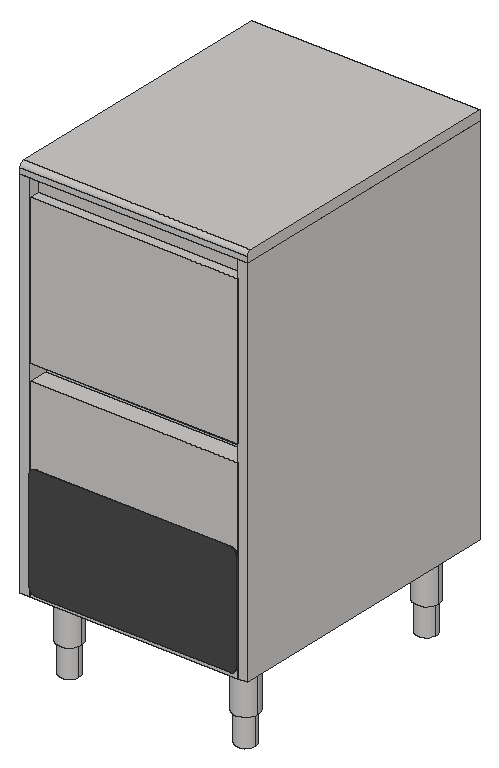
Revit family "QF_ELECTROLUXPROFESSIONAL_730331_ICC38I20SNP", category Attrezzature speciali, Revit 2018
Family settings
  Quota connettore circolare = Usa diametro
  Tipo di parte = Normale
  Basato su piano di lavoro = No
  Sempre verticale = Sì
  Taglio con vuoti quando caricato = No
  Condiviso = No
  Punto di calcolo locali = No
Parameters (values of type "Standard")
  Weight = 45.00 kg
  Watts = 0 W
  Volts = 220 V
  URL Manufacturer = "https://www.electroluxprofessional.com/"
  URL = "https://www.electroluxprofessional.com/"
  Steam Supply Size = 0 mm
  Steam Supply Minimum Pressure = 0.0 Pa
  Steam Supply Maximum Pressure = 0.0 Pa
  Steam Pounds per Hour = 0
  Show Logo [instance] = yes
  Show Clearance [instance] = yes
  Refrigeration Suction Line Size = 0 mm
  Refrigeration Liquid Line Size = 0 mm
  Refrigerant Compressor Remote = yes
  Produttore = "Electrolux Professional"
  Phase = 1
  Modello = "ICC38I20SNP"
  Length Actual = 465 mm  # constant formula
  Item Number = "730331"
  Hot Water Size = 0 mm
  Height Actual = 894 mm  # constant formula
  HP = "0 HP"
  Gas Size = 0 mm
  Gas KW = 0
  Gas Input Pressure = 0 W
  Descrizione = "WATER COOLED ICE CUBER 40GR 38KG/24H-BIN 20KG"
  Depth Actual = 595 mm  # constant formula
  Cycle = 50 Hz
  Condensate Return Size = 0 mm
  Compressed Air Volume = 0.0 L/s
  Compressed Air Size = 0 mm
  Compressed Air Pressure = 0.0 Pa
  Cold Water Size = 19.05 mm
  Accessory = yes
Reference planes
  plane 1 "Center X": y = 272.851
  plane 2: z = 0
  plane 3 "Center Y": x = -501.5
  plane 4 "LEFT": x = -734
  plane 5 "RIGHT": x = -269
  plane 6 "FRONT": y = -24.149
  plane 7 "BACK": y = 569.851
  plane 8: z = 155
  plane 9: z = 944
  plane 10: z = 924
  plane 11: x = -714
  plane 12: x = -289
  plane 13: y = 15.851
Forms (mm)
  Extrusion 1, solid, material "QF_Finishes_Black"
    sketch origin (-217.296, -24.149, 371.513) x (-1, 0, 0) y (0, 0, -1)
      loop
        arc (481.704, -21.487) -> (492.311, -17.093) -> (496.704, -6.487) r 15
        line (496.704, -6.487) -> (496.704, 194.469)
        arc (496.704, 194.469) -> (492.311, 205.075) -> (481.704, 209.469) r 15
        line (481.704, 209.469) -> (86.704, 209.469)
        arc (86.704, 209.469) -> (76.097, 205.075) -> (71.704, 194.469) r 15
        line (71.704, 194.469) -> (71.704, -6.487)
        arc (71.704, -6.487) -> (76.097, -17.093) -> (86.704, -21.487) r 15
        line (86.704, -21.487) -> (481.704, -21.487)
    from 0 to 2
  Extrusion 2, solid, material "QF_Finishes_Stainless Steel"
    sketch origin (-501.5, 0, 0) x (0, 1, 0) y (0, 0, 1)
      loop
        line (569.851, 924) -> (569.851, 944) -> (-14.149, 944)
        arc (-14.149, 944) -> (-21.22, 941.071) -> (-24.149, 934) r 10
        line (-24.149, 934) -> (-24.149, 924) -> (569.851, 924)
    from -232.5 to 232.5
  Extrusion 3, solid, material "QF_Finishes_Stainless Steel"
    sketch origin (-321.2, 569.851, -329.545) x (1, 0, 0) y (0, 0, -1)
      loop
        circle (-16.8, -655.545) r 10
    from 0 to 10
  Extrusion 4, solid, material "QF_Finishes_Stainless Steel"
    sketch origin (0, 0, 0) x (1, 0, 0) y (0, 1, 0)
      loop
        line (-734, 569.851) -> (-734, -24.149) -> (-714, -24.149) -> (-714, 569.851) -> (-734, 569.851)
    from 155 to 924
  Extrusion 5, solid, material "QF_Finishes_Stainless Steel"
    sketch origin (0, 0, 0) x (1, 0, 0) y (0, 1, 0)
      loop
        line (-289, 569.851) -> (-289, -24.149) -> (-269, -24.149) -> (-269, 569.851) -> (-289, 569.851)
    from 155 to 924
  Extrusion 6, solid, material "QF_Finishes_Stainless Steel"
    sketch origin (0, 0, 0) x (1, 0, 0) y (0, 1, 0)
      loop
        line (-714, 569.851) -> (-714, 15.851) -> (-289, 15.851) -> (-289, 569.851) -> (-714, 569.851)
    from 155 to 924
  Extrusion 7, solid, material "QF_Finishes_Stainless Steel"
    sketch origin (0, 0, 0) x (1, 0, 0) y (0, 1, 0)
      loop
        line (-714, -24.149) -> (-289, -24.149) -> (-289, 15.851) -> (-714, 15.851) -> (-714, -24.149)
    from 155 to 550.848
  Extrusion 8, solid, material "QF_Finishes_Stainless Steel"
    sketch origin (-501.5, 0, 0) x (0, 1, 0) y (0, 0, 1)
      loop
        line (15.851, 924) -> (-4.149, 924) -> (-4.149, 888) -> (-24.149, 888) -> (-24.149, 584.768) -> (-4.149, 584.768) -> (-4.149, 569) -> (15.851, 569) -> (15.851, 924)
    from -212.5 to 212.5
  Extrusion 9, solid, material "QF_Finishes_Stainless Steel"
    sketch origin (-303.2, 569.851, -440.545) x (1, 0, 0) y (0, 0, -1)
      loop
        circle (-16.8, -655.545) r 10
    from 0 to 10
  Extrusion 10, solid, material "QF_Finishes_Stainless Steel"
    sketch origin (-363.2, 569.851, -361.545) x (1, 0, 0) y (0, 0, -1)
      loop
        circle (-16.8, -655.545) r 10
    from 0 to 10
Lines and regions (mm)
  Split face 1
    outline origin (-501.5, -4.149, 924) x (0, 0, -1) y (1, 0, 0)
      loop
        line (5.715, 89.928) -> (30.715, 89.928) -> (30.715, 129.928) -> (5.715, 129.928) -> (5.715, 89.928)
  symbolic lines
    curve 1: line (-734, 569.851, 0) -> (-269, 569.851, 0)
    curve 2: line (-734, -24.149, 0) -> (-734, 569.851, 0)
    curve 3: line (-269, -24.149, 0) -> (-734, -24.149, 0)
    curve 4: line (-269, 569.851, 0) -> (-269, -24.149, 0)
Dimensions and locks
  equal spacing: plane 4 "LEFT", plane 3 "Center Y", plane 5 "RIGHT"
  plane 4 "LEFT" to plane 5 "RIGHT" = 465 mm
  equal spacing: plane 7 "BACK", plane 1 "Center X", plane 6 "FRONT"
  plane 7 "BACK" to plane 6 "FRONT" = 594 mm
  plane 8 to plane 2 = 155 mm
  plane 9 to plane 8 = 789 mm
  locked: plane 4 "LEFT" to plane 11 at 20
  locked: plane 12 to plane 5 "RIGHT" at 20
  locked: plane 9 to plane 10 at 20
  locked: plane 13 to plane 6 "FRONT" at 40
  aligned and locked: level to plane 2
  aligned and locked: plane 5 "RIGHT" to Extrusion 2
  aligned and locked: Extrusion 2 to plane 4 "LEFT"
  aligned and locked: Extrusion 4 sketch curve to Extrusion 2  (x2)
  aligned and locked: plane 6 "FRONT" to Extrusion 4 sketch curve
  aligned and locked: Extrusion 4 sketch curve to plane 11
  aligned and locked: Extrusion 5 sketch curve to plane 7 "BACK"
  aligned and locked: plane 12 to Extrusion 5 sketch curve
  aligned and locked: Extrusion 5 sketch curve to Extrusion 2  (x2)
  aligned and locked: plane 10 to Extrusion 4
  aligned and locked: plane 10 to Extrusion 5
  aligned and locked: Extrusion 4 to plane 8
  aligned and locked: Extrusion 5 to plane 8
  aligned and locked: Extrusion 6 sketch curve to Extrusion 4
  aligned and locked: Extrusion 4 to Extrusion 6 sketch curve
  aligned and locked: plane 13 to Extrusion 6 sketch curve
  aligned and locked: Extrusion 6 sketch curve to plane 12
  aligned and locked: plane 10 to Extrusion 6
  aligned and locked: Extrusion 6 to plane 8
  aligned and locked: Extrusion 4 to Extrusion 7 sketch curve
  aligned and locked: Extrusion 7 sketch curve to Extrusion 4
  aligned and locked: plane 13 to Extrusion 7 sketch curve
  aligned and locked: plane 12 to Extrusion 7 sketch curve
  aligned and locked: Extrusion 7 to plane 8
  aligned and locked: plane 12 to Extrusion 8
  aligned and locked: Extrusion 8 to plane 11
Automatic sketch dimensions
  curve 3 to plane 4 "LEFT" = 0 mm
  curve 3 to plane 5 "RIGHT" = 0 mm
  curve 3 to plane 6 "FRONT" = 0 mm
  curve 2 to plane 7 "BACK" = 0 mm
  Extrusion 1 sketch curve to plane 12 = 0 mm
  plane 8 to Extrusion 1 sketch curve = 7.044 mm
  Extrusion 1 sketch curve to Extrusion 1 sketch curve = 15 mm  (x3)
  plane 11 to Extrusion 1 sketch curve = 15 mm  (x2)
  Extrusion 1 sketch curve to Extrusion 1 sketch curve = 200.956 mm
  Extrusion 2 sketch curve to plane 6 "FRONT" = 0 mm
  Extrusion 2 sketch curve to plane 9 = 0 mm
  Extrusion 2 sketch curve to plane 7 "BACK" = 0 mm
  Extrusion 2 sketch curve to plane 10 = 0 mm
  plane 6 "FRONT" to Extrusion 2 sketch curve = 10 mm
  Extrusion 6 to Extrusion 3 sketch curve = 171 mm
  Extrusion 3 sketch curve to Extrusion 6 = 49 mm
  Extrusion 8 sketch curve to plane 6 "FRONT" = 0 mm
  Extrusion 8 sketch curve to plane 10 = 0 mm
  Extrusion 8 sketch curve to plane 13 = 0 mm
  plane 6 "FRONT" to Extrusion 8 sketch curve = 20 mm  (x2)
  Extrusion 8 sketch curve to plane 10 = 36 mm
  Extrusion 8 sketch curve to Extrusion 8 sketch curve = 303.232 mm
  Extrusion 8 sketch curve to Extrusion 8 sketch curve = 15.768 mm
  Split face 1 sketch curve to Extrusion 8 = 5.715 mm
  Extrusion 8 to Split face 1 sketch curve = 5.285 mm
  Split face 1 sketch curve to Extrusion 8 = 122.572 mm
  Split face 1 sketch curve to Split face 1 sketch curve = 40 mm
  Extrusion 9 sketch curve to Extrusion 6 = 31 mm
  Extrusion 6 to Extrusion 9 sketch curve = 60 mm
  Extrusion 10 sketch curve to Extrusion 6 = 91 mm
  Extrusion 6 to Extrusion 10 sketch curve = 139 mm
  radius of Extrusion 3 sketch curve = 10 mm
  radius of Extrusion 9 sketch curve = 10 mm
  radius of Extrusion 10 sketch curve = 10 mm
Nested families
  nested 1: "Foot_Complete" at (-682, 36.851, 0), type "Foot_Complete"
    with H 155 mm
  nested 2: "Foot_Complete" at (-321, 36.851, 0) x (-1, 0, 0) z (0, 0, 1), type "Foot_Complete"
    with H 155 mm
  nested 3: "Foot_Complete" at (-682, 498.851, 0), type "Foot_Complete"
    with H 155 mm
  nested 4: "Foot_Complete" at (-321, 498.851, 0) x (-1, 0, 0) z (0, 0, 1), type "Foot_Complete"
    with H 155 mm
Connectors
  electrical at (-320, 579.851, 215), driven by "Volts"
    settings: on Extrusion 9, index 1, voltage 220 V, apparent load 0 VA, apparent load phase1 0 VA, apparent load phase2 0 VA, apparent load phase3 0 VA, power factor 1, load classification "Altro", number of poles 1, system type 30, power factor state 1, is connector primary yes, connector utility no, sub classification motor no, connector description "Electrical Connection"
  piping at (-338, 579.851, 326), diameter 20
    settings: on Extrusion 3, index 2, connector inside diameter 609.6 mm, connector length 0 mm, flow factor 0, pipe flow 0.0 L/s, pressure drop 0.0 Pa, fitting loss kfactor 0, connector angle 0.00°, fixture units 0, engagement length 0 mm, angle of deflection 0.00°, flow configuration 0, flow direction 0, fitting loss method 0, system type 20, joint type 0, gender type 0, connector reference index -1, connector utility 0, adjustable connector no, is connector primary yes, connector description "Cold water"
  piping at (-380, 579.851, 294), diameter 20
    settings: on Extrusion 10, index 3, connector inside diameter 609.6 mm, connector length 0 mm, flow factor 0, pipe flow 0.0 L/s, pressure drop 0.0 Pa, fitting loss kfactor 0, connector angle 0.00°, fixture units 0, engagement length 0 mm, angle of deflection 0.00°, flow configuration 0, flow direction 0, fitting loss method 0, system type 16, joint type 0, gender type 0, connector reference index -1, connector utility 0, adjustable connector no, is connector primary no, connector description "Drain"
Definition of nested family "Foot_Complete"
  Parameters (values of type "Foot_Complete")
    R = 25 mm
    H = 153 mm
  Reference planes
    plane 1 "Centro (Fronte/Retro)": y = 0
    plane 2: z = 0
    plane 3 "Centro (Sinistra/Destra)": x = 0
    plane 4: z = 153
  Forms (mm)
    Revolve 1, solid
      sketch origin (255.05, 0, 608.09) x (0, 0, 1) y (-1, 0, 0)
        loop
          line (-608.09, 255.05) -> (-608.09, 235.05) -> (-548.09, 235.05) -> (-548.09, 230.05) -> (-455.09, 230.05) -> (-455.09, 255.05) -> (-608.09, 255.05)
        axis (-608.09, 255.05) -> (-455.09, 255.05)
      angle from 0 to 360
  Dimensions and locks
    level to Revolve 1 sketch curve = 60 mm
    "R": Revolve 1 sketch curve to plane 3 "Centro (Sinistra/Destra)"
    "H": plane 4 to level
    aligned and locked: level to plane 2
    aligned and locked: plane 4 to Revolve 1 sketch curve
    aligned and locked: Revolve 1 sketch curve to level
    aligned and locked: plane 3 "Centro (Sinistra/Destra)" to Revolve 1 sketch curve
  Automatic sketch dimensions
    Revolve 1 sketch curve to plane 3 "Centro (Sinistra/Destra)" = 0 mm
    plane 3 "Centro (Sinistra/Destra)" to Revolve 1 sketch curve = 20 mm
    Revolve 1 sketch curve to Revolve 1 sketch curve = 50 mm
    Revolve 1 sketch curve to Revolve 1 sketch curve = 20 mm
